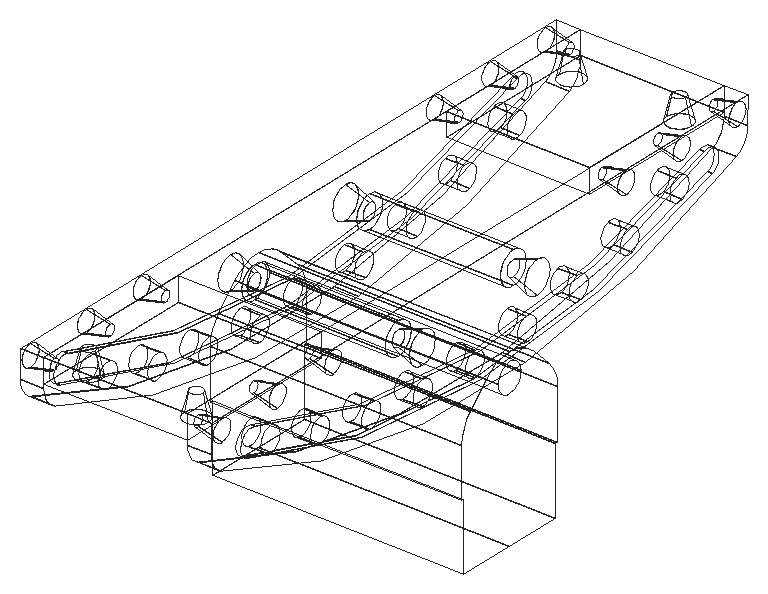
Revit family "1 SOUND_Contour CT212_Rigging System", category Communication Devices, host Face, Revit 2020
Family settings
  Host = Face
  Maintain Annotation Orientation = No
  Round Connector Dimension = Use Diameter
  Part Type = Normal
  Cut with Voids When Loaded = No
  Shared = No
  Room Calculation Point = No
Parameters (values of type "Contour Rigging System CT212")
  Weight = "1.55 kg"
  URL = "https://www.1-sound.com/ct-rigging-system"
  Start Angle [instance] = if(Pivot Angle 5Deg, 95.00°, if(Pivot Angle 10Deg, 100.00°, if(Pivot Angle 15Deg, 105.00°, if(Pivot Angle 20Deg, 110.00°, if(Pivot Angle 5Deg Neg, 85.00°, if(Pivot Angle 10Deg Neg, 80.00°, if(Pivot Angle 15Deg Neg, 75.00°, if(Pivot Angle 20Deg Neg, 70.00°, 90.00°))))))))  # 90.00°
  Model = "Contour Rigging System CT212"
  Pivot Angle 5Deg Neg [instance] = no
  Pivot Angle 5Deg [instance] = no
  Pivot Angle 20Deg Neg [instance] = no
  Pivot Angle 20Deg [instance] = no
  Pivot Angle 15Deg Neg [instance] = no
  Pivot Angle 15Deg [instance] = no
  Pivot Angle 10Deg Neg [instance] = no
  Pivot Angle 10Deg [instance] = no
  Material = "Zinc Plated"
  Manufacturer = "1 SOUND"  # constant formula
  Finish = "Stainless steel & aluminum or powder coated"
  Dimensions (HxWxD) = "103.00mm x 105.00mm x 280.00mm"
  Default Elevation = 0.00 mm
  Construction = "Stainless Steel 316 and Structural Aluminum"
  Category = "Accessory"  # constant formula
  Accessory Finish [instance] = 1 Sound - Powder Coat_Black
Reference planes
  plane 1 "Center (Front/Back)": y = 0
  plane 2: z = 0
  plane 3 "Center (Left/Right)": x = 0
  plane 4: z = 375.044
Forms (mm)
  Extrusion 1, solid, material "1 Sound - Powder Coat_Black" <- "Accessory Finish"
    sketch origin (0, 0, 0) x (0, -1, 0) y (0, 0, 1)
      loop
        arc (12.272, 67.728) -> (6.642, 71.541) -> (0, 72.994) r 18
        arc (0, 72.994) -> (-6.642, 71.541) -> (-12.272, 67.728) r 18
        line (-12.272, 67.728) -> (-20.607, 59.393)
        arc (-20.607, 59.393) -> (-23.858, 54.527) -> (-25, 48.787) r 15
        line (-25, 48.787) -> (-25, 28) -> (-24, 28) -> (-24, 0) -> (0, 0) -> (24, 0) -> (24, 28) -> (25, 28) -> (25, 48.787)
        arc (25, 48.787) -> (23.858, 54.527) -> (20.607, 59.393) r 15
        line (20.607, 59.393) -> (12.272, 67.728)
    from -52.5 to 52.5
  Extrusion 2, void
    sketch origin (0, 0, 0) x (0, -1, 0) y (0, 0, 1)
      loop
        circle (0, 63) r 6
    from -52.5 to 52.5
Cuts and joins
  Extrusion 2 cuts Extrusion 1
Lines and regions (mm)
  reference lines
    curve 1: line (0, 0, 375.044) -> (0, 0, 103.024)
Dimensions and locks
  locked: plane 4 to host face at 375.044
  "Start Angle": angle plane 4 to curve 1
  aligned and locked: plane 2 to host face
  aligned and locked: level to host face
  aligned and locked: plane 4 to curve 1
  aligned and locked: plane 1 "Center (Front/Back)" to curve 1
Automatic sketch dimensions
  host sketch curve to host sketch curve = 2438.40 mm  (x2)
  Extrusion 1 sketch curve to level = 0.00 mm
  Extrusion 1 sketch curve to plane 1 "Center (Front/Back)" = 0.00 mm  (x2)
  Extrusion 1 sketch curve to plane 1 "Center (Front/Back)" = 0.456 mm
  Extrusion 1 sketch curve to plane 1 "Center (Front/Back)" = 10.00 mm
  Extrusion 1 sketch curve to plane 1 "Center (Front/Back)" = 12.272 mm
  Extrusion 1 sketch curve to Extrusion 1 sketch curve = 8.335 mm  (x3)
  Extrusion 1 sketch curve to plane 1 "Center (Front/Back)" = 24.00 mm
  Extrusion 1 sketch curve to Extrusion 1 sketch curve = 4.393 mm
  plane 1 "Center (Front/Back)" to Extrusion 1 sketch curve = 0.456 mm
  plane 1 "Center (Front/Back)" to Extrusion 1 sketch curve = 10.00 mm
  plane 1 "Center (Front/Back)" to Extrusion 1 sketch curve = 12.272 mm
  Extrusion 1 sketch curve to Extrusion 1 sketch curve = 24.00 mm
  Extrusion 1 sketch curve to Extrusion 1 sketch curve = 1.00 mm
  Extrusion 1 sketch curve to Extrusion 1 sketch curve = 28.00 mm
  level to Extrusion 1 sketch curve = 28.00 mm
  Extrusion 1 sketch curve to Extrusion 1 sketch curve = 20.787 mm
  Extrusion 1 sketch curve to Extrusion 1 sketch curve = 0.00 mm  (x2)
  Extrusion 1 sketch curve to Extrusion 1 sketch curve = 6.213 mm
  Extrusion 2 sketch curve to plane 1 "Center (Front/Back)" = 0.00 mm
  level to Extrusion 2 sketch curve = 63.00 mm
  radius of Extrusion 2 sketch curve = 6.00 mm
Nested families
  nested 1: "1 SOUND_Contour Rigging System" at (0, 0, 103.024) x (0, 1, 0) z (0, 0, -1), Accessory Finish <- "Accessory Finish", type "Contour Rigging System"
    with Accessory Finish 1 Sound - Powder Coat_Black
Definition of nested family "1 SOUND_Contour Rigging System"
  Parameters (values of type "Contour Rigging System")
    Default Elevation = 1219.20 mm
    Accessory Finish [instance] = none
  Reference planes
    plane 1 "Center (Front/Back)": y = 0
    plane 2: z = 0
    plane 3 "Center (Left/Right)": x = 0
  Forms (mm)
    Extrusion 1, solid, material <- "Accessory Finish", not visible
      sketch origin (0, 0, -103) x (1, 0, 0) y (0, 0, 1)
        loop
          line (-140, 206) -> (-140, 194.371)
          arc (-140, 194.371) -> (-138.416, 188.97) -> (-134.166, 185.28) r 10
          arc (-134.166, 185.28) -> (-56.833, 161.055) -> (24.1, 156.903) r 322.025
          arc (24.1, 156.903) -> (80.395, 166.197) -> (134.166, 185.28) r 322.025
          arc (134.166, 185.28) -> (138.416, 188.97) -> (140, 194.371) r 10
          line (140, 194.371) -> (140, 206) -> (-140, 206)
      from -40 to -30
    Extrusion 2, void, not visible
      sketch origin (0, 0, -103) x (1, 0, 0) y (0, 0, 1)
        loop
          circle (-106.719, 184.817) r 5
        loop
          circle (-80.758, 176.632) r 5
        loop
          circle (-54.183, 170.74) r 5
        loop
          circle (-27.195, 167.187) r 5
        loop
          circle (27.195, 167.187) r 5
        loop
          circle (54.183, 170.74) r 5
        loop
          circle (80.758, 176.632) r 5
        loop
          circle (106.719, 184.817) r 5
        loop
          circle (0, 165.981) r 5
      from -40 to 40
    Extrusion 3, solid, material <- "Accessory Finish"
      sketch origin (0, 0, -103) x (1, 0, 0) y (0, 0, 1)
        loop
          line (-140, 103) -> (140, 103) -> (140, 114.629)
          arc (140, 114.629) -> (138.416, 120.03) -> (134.166, 123.72) r 10
          arc (134.166, 123.72) -> (80.395, 142.803) -> (24.1, 152.097) r 322.025
          arc (24.1, 152.097) -> (-56.833, 147.945) -> (-134.166, 123.72) r 322.025
          arc (-134.166, 123.72) -> (-138.416, 120.03) -> (-140, 114.629) r 10
          line (-140, 114.629) -> (-140, 103)
      from -40 to -30
    Extrusion 4, void
      sketch origin (0, 0, -103) x (1, 0, 0) y (0, 0, 1)
        loop
          circle (-106.719, 124.183) r 5
        loop
          circle (-80.758, 132.368) r 5
        loop
          circle (-54.183, 138.26) r 5
        loop
          circle (-27.195, 141.813) r 5
        loop
          circle (27.195, 141.813) r 5
        loop
          circle (54.183, 138.26) r 5
        loop
          circle (80.758, 132.368) r 5
        loop
          circle (106.719, 124.183) r 5
        loop
          circle (0, 143.019) r 5
      from -40 to 40
    Extrusion 5, solid, material <- "Accessory Finish"
      sketch origin (0, 0, -103) x (1, 0, 0) y (0, 0, -1)
        loop
          line (-140, -103) -> (-140, -114.629)
          arc (-140, -114.629) -> (-138.416, -120.03) -> (-134.166, -123.72) r 10
          arc (-134.166, -123.72) -> (-56.833, -147.945) -> (24.1, -152.097) r 322.025
          arc (24.1, -152.097) -> (80.395, -142.803) -> (134.166, -123.72) r 322.025
          arc (134.166, -123.72) -> (138.416, -120.03) -> (140, -114.629) r 10
          line (140, -114.629) -> (140, -103) -> (-140, -103)
      from -40 to -30
    Extrusion 6, solid, material <- "Accessory Finish", not visible
      sketch origin (0, 0, -103) x (1, 0, 0) y (0, 0, -1)
        loop
          line (-140, -206) -> (140, -206) -> (140, -194.371)
          arc (140, -194.371) -> (138.416, -188.97) -> (134.166, -185.28) r 10
          arc (134.166, -185.28) -> (80.395, -166.197) -> (24.1, -156.903) r 322.025
          arc (24.1, -156.903) -> (-56.833, -161.055) -> (-134.166, -185.28) r 322.025
          arc (-134.166, -185.28) -> (-138.416, -188.97) -> (-140, -194.371) r 10
          line (-140, -194.371) -> (-140, -206)
      from -40 to -30
    Extrusion 7, solid, material <- "Accessory Finish"
      sketch origin (0, 0, 0) x (1, 0, 0) y (0, 1, 0)
        loop
          line (-140, 30) -> (-140, -30) -> (-70, -30) -> (-70, 30) -> (-140, 30)
        loop
          line (140, 30) -> (70, 30) -> (70, -30) -> (140, -30) -> (140, 30)
      from 0 to 10
    Blend 8, void
      base sketch origin (0, 0, 0) x (1, 0, 0) y (0, 0, 1)
        loop
          circle (-30, 20) r 3.3
      top sketch origin (0, 0, 0) x (1, 0, 0) y (0, 0, 1)
        loop
          circle (-30, 20) r 6.72
      from 30 to 40
    Blend 9, void
      base sketch origin (0, 0, 0) x (-1, 0, 0) y (0, 0, -1)
        loop
          circle (-30, -20) r 3.3
      top sketch origin (0, 0, 0) x (-1, 0, 0) y (0, 0, -1)
        loop
          circle (-30, -20) r 6.72
      from 30 to 40
    Blend 10, void
      base sketch origin (0, 0, 0) x (1, 0, 0) y (0, 0, -1)
        loop
          circle (-30, -20) r 3.3
      top sketch origin (0, 0, 0) x (1, 0, 0) y (0, 0, -1)
        loop
          circle (-30, -20) r 6.72
      from 30 to 40
    Blend 11, void
      base sketch origin (0, 0, 0) x (-1, 0, 0) y (0, 0, 1)
        loop
          circle (-30, 20) r 3.3
      top sketch origin (0, 0, 0) x (-1, 0, 0) y (0, 0, 1)
        loop
          circle (-30, 20) r 6.72
      from 30 to 40
    Extrusion 12, void
      sketch origin (0, 0, 0) x (1, 0, 0) y (0, 0, 1)
        loop
          arc (121.408, 21.412) -> (0, 45.539) -> (-121.408, 21.412) r 317.525
          arc (-121.408, 21.412) -> (-124.387, 14.227) -> (-117.202, 11.248) r 5.5
          arc (-117.202, 11.248) -> (0, 34.539) -> (117.202, 11.248) r 306.525
          arc (117.202, 11.248) -> (124.387, 14.227) -> (121.408, 21.412) r 5.5
      from 38 to 40
    Extrusion 13, void
      sketch origin (0, 0, 0) x (1, 0, 0) y (0, 0, -1)
        loop
          arc (121.408, -21.412) -> (124.387, -14.227) -> (117.202, -11.248) r 5.5
          arc (117.202, -11.248) -> (0, -34.539) -> (-117.202, -11.248) r 306.525
          arc (-117.202, -11.248) -> (-124.387, -14.227) -> (-121.408, -21.412) r 5.5
          arc (-121.408, -21.412) -> (0, -45.539) -> (121.408, -21.412) r 317.525
      from 38 to 40
    Blend 14, void
      base sketch origin (0, 0, 0) x (1, 0, 0) y (0, 0, 1)
        loop
          circle (76.5, 5) r 2.25
      top sketch origin (0, 0, 0) x (1, 0, 0) y (0, 0, 1)
        loop
          circle (76.5, 5) r 4.48
      from 30 to 40
    Blend 15, void
      base sketch origin (29, 0, 0) x (1, 0, 0) y (0, 0, 1)
        loop
          circle (76.5, 5) r 2.25
      top sketch origin (29, 0, 0) x (1, 0, 0) y (0, 0, 1)
        loop
          circle (76.5, 5) r 4.48
      from 30 to 40
    Blend 16, void
      base sketch origin (58, 0, 0) x (1, 0, 0) y (0, 0, 1)
        loop
          circle (76.5, 5) r 2.25
      top sketch origin (58, 0, 0) x (1, 0, 0) y (0, 0, 1)
        loop
          circle (76.5, 5) r 4.48
      from 30 to 40
    Blend 17, void
      base sketch origin (0, 0, 0) x (-1, 0, 0) y (0, 0, -1)
        loop
          circle (76.5, -5) r 2.25
      top sketch origin (0, 0, 0) x (-1, 0, 0) y (0, 0, -1)
        loop
          circle (76.5, -5) r 4.48
      from 30 to 40
    Blend 18, void
      base sketch origin (-29, 0, 0) x (-1, 0, 0) y (0, 0, -1)
        loop
          circle (76.5, -5) r 2.25
      top sketch origin (-29, 0, 0) x (-1, 0, 0) y (0, 0, -1)
        loop
          circle (76.5, -5) r 4.48
      from 30 to 40
    Blend 19, void
      base sketch origin (-58, 0, 0) x (-1, 0, 0) y (0, 0, -1)
        loop
          circle (76.5, -5) r 2.25
      top sketch origin (-58, 0, 0) x (-1, 0, 0) y (0, 0, -1)
        loop
          circle (76.5, -5) r 4.48
      from 30 to 40
    Blend 20, void
      base sketch origin (0, 0, 0) x (1, 0, 0) y (0, 0, -1)
        loop
          circle (76.5, -5) r 2.25
      top sketch origin (0, 0, 0) x (1, 0, 0) y (0, 0, -1)
        loop
          circle (76.5, -5) r 4.48
      from 30 to 40
    Blend 21, void
      base sketch origin (29, 0, 0) x (1, 0, 0) y (0, 0, -1)
        loop
          circle (76.5, -5) r 2.25
      top sketch origin (29, 0, 0) x (1, 0, 0) y (0, 0, -1)
        loop
          circle (76.5, -5) r 4.48
      from 30 to 40
    Blend 22, void
      base sketch origin (58, 0, 0) x (1, 0, 0) y (0, 0, -1)
        loop
          circle (76.5, -5) r 2.25
      top sketch origin (58, 0, 0) x (1, 0, 0) y (0, 0, -1)
        loop
          circle (76.5, -5) r 4.48
      from 30 to 40
    Blend 23, void
      base sketch origin (0, 0, 0) x (-1, 0, 0) y (0, 0, 1)
        loop
          circle (76.5, 5) r 2.25
      top sketch origin (0, 0, 0) x (-1, 0, 0) y (0, 0, 1)
        loop
          circle (76.5, 5) r 4.48
      from 30 to 40
    Blend 24, void
      base sketch origin (-29, 0, 0) x (-1, 0, 0) y (0, 0, 1)
        loop
          circle (76.5, 5) r 2.25
      top sketch origin (-29, 0, 0) x (-1, 0, 0) y (0, 0, 1)
        loop
          circle (76.5, 5) r 4.48
      from 30 to 40
    Blend 25, void
      base sketch origin (-58, 0, 0) x (-1, 0, 0) y (0, 0, 1)
        loop
          circle (76.5, 5) r 2.25
      top sketch origin (-58, 0, 0) x (-1, 0, 0) y (0, 0, 1)
        loop
          circle (76.5, 5) r 4.48
      from 30 to 40
    Extrusion 26, solid, material <- "Accessory Finish"
      sketch origin (0, 0, 0) x (1, 0, 0) y (0, 0, 1)
        loop
          circle (-30, 20) r 6.72
        loop
          circle (30, 20) r 6.72
      from -30 to 30
    Blend 27, void
      base sketch origin (0, 0, 0) x (1, 0, 0) y (0, 1, 0)
        loop
          circle (126.002, 22.5) r 2.75
      top sketch origin (0, 0, 0) x (1, 0, 0) y (0, 1, 0)
        loop
          circle (126.002, 22.5) r 5.2
      from 0 to 10
    Blend 28, void
      base sketch origin (0, 0, 0) x (1, 0, 0) y (0, 1, 0)
        loop
          circle (126.002, -22.5) r 2.75
      top sketch origin (0, 0, 0) x (1, 0, 0) y (0, 1, 0)
        loop
          circle (126.002, -22.5) r 5.2
      from 0 to 10
    Blend 29, void
      base sketch origin (0, 0, 0) x (-1, 0, 0) y (0, -1, 0)
        loop
          circle (126.002, -22.5) r 2.75
      top sketch origin (0, 0, 0) x (-1, 0, 0) y (0, -1, 0)
        loop
          circle (126.002, -22.5) r 5.2
      from 0 to 10
    Blend 30, void
      base sketch origin (0, 0, 0) x (-1, 0, 0) y (0, -1, 0)
        loop
          circle (126.002, 22.5) r 2.75
      top sketch origin (0, 0, 0) x (-1, 0, 0) y (0, -1, 0)
        loop
          circle (126.002, 22.5) r 5.2
      from 0 to 10
  Cuts and joins
    Extrusion 4, Blend 10, Blend 11, Extrusion 13, Blend 20, Blend 21, Blend 22, Blend 23, Blend 24, Blend 25 cuts Extrusion 3
    Extrusion 4, Blend 8, Blend 9, Blend 10, Blend 11, Extrusion 12, Extrusion 13, Blend 14, Blend 15, Blend 16, Blend 17, Blend 18, Blend 19, Blend 20, Blend 21, Blend 22, Blend 23, Blend 24, Blend 25 cuts Extrusion 5
    Blend 14, Blend 15, Blend 16, Blend 17, Blend 18, Blend 19, Blend 20, Blend 21, Blend 22, Blend 23, Blend 24, Blend 25, Blend 27, Blend 28, Blend 29, Blend 30 cuts Extrusion 7
  Dimensions and locks
    aligned and locked: level to plane 2
